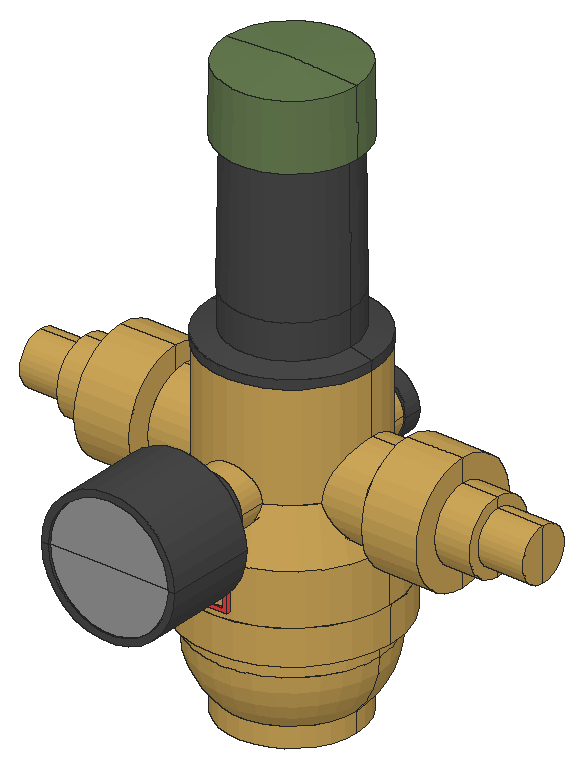
Revit family "Druckminderer mit Messingkappe 2682", category Rohrzubehör, Revit 2021
Family settings
  Bemaßung runder Anschluss = Durchmesser verwenden
  Teiletyp = Unterbricht
  OmniClass-Nummer = 23.65.55.14
  OmniClass-Titel = Valves for Liquid Services
  Arbeitsebenenbasiert = Nein
  Immer vertikal = Ja
  Beim Laden mit Abzugskörper schneiden = Nein
  Gemeinsam genutzt = Nein
Parameters (values of type "Manometer vorne")
  Werkseinstellung (sekundärseitig) = 300000.0 Pa  # constant formula
  W01 = 91.00°  # constant formula
  Vorne [instance] = yes
  Vorgabe-Ansicht = 0.000 mm
  VRL03 [instance] = size_lookup("2682_M_", "VRL3", 1.000 mm, Nennweite)  # 23.500 mm
  VRL02 [instance] = size_lookup("2682_M_", "VRL2", 1.000 mm, Nennweite)  # 16.000 mm
  VRL01 [instance] = size_lookup("2682_M_", "VRL1", 1.000 mm, Nennweite)  # 73.500 mm
  VRD02 [instance] = size_lookup("2682_M_", "VRD2", 1.000 mm, Nennweite)  # 17.000 mm
  VRD01 [instance] = size_lookup("2682_M_", "VRD1", 1.000 mm, Nennweite)  # 10.500 mm
  VRAG [instance] = Nennweite / 2  # 7.500 mm
  URL = "www.herz-armaturen.at"
  Standard = "EN 1567"  # constant formula
  SC_NennweiteBerechnet = 0
  SC_Dimension = ""
  SCTWSEQ = "AW;SBT_TYP_AW=\"111\";2"
  SCTWCODE = "04;24;02"  # constant formula
  S02 = 10.000 mm  # constant formula
  S01 [instance] = VRD02 * 2  # 34.000 mm
  R07 [instance] = R05 + 0.800 mm  # 9.300 mm
  R06 = 19.500 mm  # constant formula
  R05 [instance] = size_lookup("2682_M_", "R5", 1.000 mm, Nennweite)  # 8.500 mm
  R04 [instance] = size_lookup("2682_M_", "R4", 1.000 mm, Nennweite)  # 18.900 mm
  R03 [instance] = size_lookup("2682_M_", "R3", 1.000 mm, Nennweite)  # 19.250 mm
  R02 [instance] = size_lookup("2682_M_", "R2", 1.000 mm, Nennweite)  # 28.750 mm
  R01 [instance] = size_lookup("2682_M_", "R1", 1.000 mm, Nennweite)  # 23.250 mm
  Oberteile = "PA6.6"  # constant formula
  Nennweite [instance] = 15.000 mm
  Membrane = "EPDM"  # constant formula
  Medium = "Wasser"  # constant formula
  Max. Vordruck (primärseitig) = 1600000.0 Pa  # constant formula
  Max. Betriebstemperatur = 70 °C  # constant formula
  Maschenweite Filter = "0.3 mm"  # constant formula
  Manometerskala = "0 - 10 bar"  # constant formula
  Manometeranschluss (beidseitig) N = "1/4\" F (ISO 228-1)"
  LO01 [instance] = H02 - 2.000 mm  # 27.000 mm
  L01 [instance] = size_lookup("2682_M_", "L1", 1.000 mm, Nennweite)  # 10.600 mm
  L00 [instance] = size_lookup("2682_M_", "L", 1.000 mm, Nennweite)  # 84.000 mm
  Kappe = "Messing CW617N"  # constant formula
  Holländeranschlüsse = "Messing CW617N"  # constant formula
  Hinweis = "Gemäß Art 33 der REACH-Verordnung (EG Nr. 1907/2006) sind wir verpflichtet, darauf hinzuweisen, dass der Stoff Blei auf der SVHC-Liste geführt wird und dass alle aus Messing bestehenden Bauteile, die in unseren Erzeugnissen verarbeitet sind, mehr als 0,1 % (w/w) Blei (CAS: 7439-92-1 / EINECS: 231-100-4) enthalten.\r\nDa Blei als Legierungsbestandteil fest gebunden ist, sind keine Expositionen zu erwarten und daher sind keine zusätzlichen Angaben zur sicheren Verwendung notwendig."
  Hinten [instance] = no
  Hersteller = "HERZ Armaturen Ges.m.b.H."  # constant formula
  Handgriff = "PA 6.6, grün"  # constant formula
  H12 [instance] = size_lookup("2682_M_", "H12", 1.000 mm, Nennweite)  # 5.800 mm
  H11 [instance] = size_lookup("2682_M_", "H11", 1.000 mm, Nennweite)  # 10.000 mm
  H10 [instance] = size_lookup("2682_M_", "H10", 1.000 mm, Nennweite)  # 37.000 mm
  H09 [instance] = H01 + H04 - H05  # 84.500 mm
  H08 [instance] = size_lookup("2682_M_", "H8", 1.000 mm, Nennweite)  # 20.000 mm
  H07 [instance] = size_lookup("2682_M_", "H7", 1.000 mm, Nennweite)  # 10.000 mm
  H06 [instance] = size_lookup("2682_M_", "H6", 1.000 mm, Nennweite)  # 2.500 mm
  H05 [instance] = size_lookup("2682_M_", "H5", 1.000 mm, Nennweite)  # 4.700 mm
  H04 [instance] = size_lookup("2682_M_", "H4", 1.000 mm, Nennweite)  # 58.700 mm
  H03 [instance] = D02 + 1.000 mm  # 14.220 mm
  H02 [instance] = size_lookup("2682_M_", "H2", 1.000 mm, Nennweite)  # 29.000 mm
  H01 [instance] = size_lookup("2682_M_", "H1", 1.000 mm, Nennweite)  # 30.500 mm
  Gehäuse (DN32-DN50) = "Gussmessing (EN 1982; CC770S)"  # constant formula
  Gehäuse (DN15-DN25) = "geschmiedetes Messing (EN 12165; CW626N)"  # constant formula
  GT1 [instance] = size_lookup("2682_M_", "GT1", 1.000 mm, Nennweite)  # 12.000 mm
  GT [instance] = size_lookup("2682_M_", "GT", 1.000 mm, Nennweite)  # 13.200 mm
  Filter = "Edelstahl"  # constant formula
  Federführung = "Edelstahl"  # constant formula
  Feder = "Federstahl"  # constant formula
  Einstellbereich (sekundärseitig) = "1.5 - 6 bar"  # constant formula
  Dichtung im Druckreduziererelement = "EPDM"  # constant formula
  Dichtung der Holländeranschlüsse = "Klingersil C-4324"  # constant formula
  D09 [instance] = size_lookup("2682_M_", "D9", 1.000 mm, Nennweite)  # 19.000 mm
  D08 [instance] = size_lookup("2682_M_", "D8", 1.000 mm, Nennweite)  # 25.800 mm
  D07 [instance] = size_lookup("2682_M_", "D7", 1.000 mm, Nennweite)  # 29.000 mm
  D06 [instance] = size_lookup("2682_M_", "D6", 1.000 mm, Nennweite)  # 16.000 mm
  D05 [instance] = size_lookup("2682_M_", "D5", 1.000 mm, Nennweite)  # 16.800 mm
  D04 [instance] = size_lookup("2682_M_", "D4", 1.000 mm, Nennweite)  # 17.300 mm
  D03 [instance] = size_lookup("2682_M_", "D3", 1.000 mm, Nennweite)  # 23.500 mm
  D02 [instance] = size_lookup("2682_M_", "D2", 1.000 mm, Nennweite)  # 13.220 mm
  D01 [instance] = size_lookup("2682_M_", "D1", 1.000 mm, Nennweite)  # 9.525 mm
  Bestellnummer [instance] = size_lookup("2682_M_", "Artnr", 0, Nennweite)  # 1268221
  B03 = 5.000 mm  # constant formula
  B02 = 26.000 mm  # constant formula
  B01 [instance] = size_lookup("2682_M_", "B1", 1.000 mm, Nennweite)  # 30.000 mm
  B00 [instance] = size_lookup("2682_M_", "B", 1.000 mm, Nennweite)  # 67.000 mm
  Außengewinde = "gemäß ISO 7-1 und ISO228"  # constant formula
  Anwendung = "Typischerweise dient der Druckreduzierer dazu, Installationen beziehungsweise Anlagen vor zu hohem Druck zu schützen.\r\nWeiters können Druckreduzierer in Heizungsanlagen eingesetzt werden, um zu hohe Drücke im Boiler zu verhindern.\r\nDer Druck nach dem Druckreduzierer ist im angegebenen Bereich einstellbar und steht nicht im Zusammenhang mit dem Vordruck.\r\nUm den Druck nach dem Druckreduzierer zu steigern, muss der Handgriff im Uhrzeigersinn gedreht werden.\r\nDurch das Einstellen von Drücken, welche die vorgegebene Skala überschreiten, können Schäden am Druckreduzierer entstehen.\r\nWir empfehlen einen maximalen Hinterdruck sekundärseitig von 4 bar für Anlagen in privaten Haushalten (lange Produktlebensdauer, geringe Kosten).\r\nNach jeder Änderung des Einstellwertes muss die Ausgangsseite druckentlastet werden, zum Beispiel durch Wasserzapfen."
Types (3, lengths in mm): name | Vorne | Hinten
  (no name) | yes | no
  Manometer vorne | yes | no
  Manometer hinten | no | yes
Reference planes
  plane 1 "Mitte (Vorne/hinten)": y = 0
  plane 2: z = 0
  plane 3 "Mitte (Links/rechts)": x = 0
Forms (mm)
  Revolve 1, solid, material "Messing, weicher Gelbton, geschweißt", detail levels fine
    sketch origin (0, 0, 0) x (1, 0, 0) y (0, 0, 1)
      loop
        line (-42, 0) -> (42, 0) -> (42, 9.525) -> (31.4, 9.525) -> (31.4, 13.22) -> (-31.4, 13.22) -> (-31.4, 9.525) -> (-42, 9.525) -> (-42, 0)
      axis (-42, 0) -> (42, 0)
    angle from 0 to 360
  Revolve 2, solid, material "Messing, weicher Gelbton, geschweißt", detail levels fine
    sketch origin (0, 0, 0) x (1, 0, 0) y (0, 0, 1)
      loop
        line (0, -29) -> (28.75, -29) -> (28.75, -14.22) -> (23.25, 0) -> (23.25, 30.5) -> (0, 30.5) -> (0, -29)
      axis (0, 30.5) -> (0, -29)
    angle from 0 to 360
  Revolve 3, solid, material "Acetalharz, Schwarz", detail levels fine
    sketch origin (0, 0, 0) x (1, 0, 0) y (0, 0, 1)
      loop
        line (0, 30.5) -> (0, 89.2) -> (-16, 89.2) -> (-16, 84.5) -> (-16.8, 84.5) -> (-17.3, 44.5) -> (-17.3, 34.5) -> (-23.5, 33) -> (-23.5, 30.5) -> (0, 30.5)
      axis (0, 89.2) -> (0, 30.5)
    angle from 0 to 360
  Revolve 4, solid, material "Kunststoff GRÜN", detail levels fine
    sketch origin (0, 0, 0) x (1, 0, 0) y (0, 0, 1)
      loop
        line (0, 84.5) -> (19.25, 84.5) -> (18.9, 103.392)
        arc (18.9, 103.392) -> (9.466, 104.223) -> (0, 104.5) r 161.794
        line (0, 104.5) -> (0, 84.5)
      axis (0, 104.5) -> (0, 84.5)
    angle from 0 to 360
  Revolve 5, solid, material "Messing, weicher Gelbton, geschweißt", detail levels fine
    sketch origin (0, 0, 0) x (1, 0, 0) y (0, 0, 1)
      loop
        line (0, -29) -> (0, -66) -> (19, -66) -> (19, -60.2)
        arc (19, -60.2) -> (24.034, -52.577) -> (25.8, -43.615) r 23.626
        line (25.8, -43.615) -> (25.8, -39) -> (29, -39) -> (29, -29) -> (0, -29)
      axis (0, -29) -> (0, -66)
    angle from 0 to 360
  Revolve 6, solid, material "Messing, weicher Gelbton, geschweißt", detail levels fine
    sketch origin (0, 0, 0) x (1, 0, 0) y (0, 0, 1)
      loop
        line (34, 9.525) -> (46, 9.525) -> (46, 0) -> (73.5, 0) -> (73.5, 7.5) -> (60.3, 7.5) -> (60.3, 10.5) -> (50, 10.5) -> (50, 17) -> (34, 17) -> (34, 9.525)
      loop
        line (-34, 9.525) -> (-34, 17) -> (-50, 17) -> (-50, 10.5) -> (-60.3, 10.5) -> (-60.3, 7.5) -> (-73.5, 7.5) -> (-73.5, 0) -> (-46, 0) -> (-46, 9.525) -> (-34, 9.525)
      axis (-73.5, 0) -> (73.5, 0)
    angle from 0 to 360
  Revolve 7, solid, material "Messing, weicher Gelbton, geschweißt", detail levels fine
    sketch origin (0, 0, 0) x (1, 0, 0) y (0, 1, 0)
      loop
        line (0, 30) -> (0, -30) -> (8.5, -30) -> (8.5, 30) -> (0, 30)
      axis (0, 30) -> (0, -30)
    angle from 0 to 360
  Revolve 8, solid, material "Acetalharz, Schwarz", visible <- "Vorne", detail levels fine
    sketch origin (0, 0, 0) x (1, 0, 0) y (0, 1, 0)
      loop
        line (0, -30) -> (0, -65) -> (17.5, -65) -> (17.5, -67) -> (19.5, -67) -> (19.5, -41) -> (9.3, -41) -> (9.3, -30) -> (0, -30)
      axis (0, -30) -> (0, -67)
    angle from 0 to 360
  Revolve 9, solid, material "Acetalharz, Schwarz", visible <- "Vorne", detail levels fine
    sketch origin (0, 0, 0) x (1, 0, 0) y (0, 1, 0)
      loop
        line (0, 30) -> (9.3, 30) -> (9.3, 35) -> (0, 35) -> (0, 30)
      axis (0, 35) -> (0, 30)
    angle from 0 to 360
  Revolve 10, solid, material "Acetalharz, Schwarz", visible <- "Hinten", detail levels fine
    sketch origin (0, 0, 0) x (1, 0, 0) y (0, -1, 0)
      loop
        line (0, 30) -> (9.3, 30) -> (9.3, 35) -> (0, 35) -> (0, 30)
      axis (0, 35) -> (0, 30)
    angle from 0 to 360
  Revolve 11, solid, material "Acetalharz, Weiß", visible <- "Vorne", detail levels fine
    sketch origin (0, 0, 0) x (1, 0, 0) y (0, 1, 0)
      loop
        line (0, -65) -> (0, -66.5) -> (17.5, -66.5) -> (17.5, -65) -> (0, -65)
      axis (0, -65) -> (0, -66.5)
    angle from 0 to 360
  Revolve 12, solid, material "Acetalharz, Schwarz", visible <- "Hinten", detail levels fine
    sketch origin (0, 0, 0) x (1, 0, 0) y (0, -1, 0)
      loop
        line (0, -30) -> (0, -65) -> (17.5, -65) -> (17.5, -67) -> (19.5, -67) -> (19.5, -41) -> (9.3, -41) -> (9.3, -30) -> (0, -30)
      axis (0, -30) -> (0, -67)
    angle from 0 to 360
  Revolve 13, solid, material "Acetalharz, Weiß", visible <- "Hinten", detail levels fine
    sketch origin (0, 0, 0) x (1, 0, 0) y (0, -1, 0)
      loop
        line (0, -65) -> (0, -66.5) -> (17.5, -66.5) -> (17.5, -65) -> (0, -65)
      axis (0, -65) -> (0, -66.5)
    angle from 0 to 360
Lines and regions (mm)
  model lines, detail levels coarse+medium
    curve 1: line (-42, 0, -17) -> (-42, 0, 17)
    curve 2: line (-42, 0, 17) -> (42, 0, -34)
    curve 3: line (42, 0, -34) -> (42, 0, 34)
    curve 4: line (42, 0, 34) -> (-42, 0, -17)
    curve 5: line (-42, 0, 17) -> (-52, 0, 17)
    curve 6: line (-52, 0, 17) -> (-42, 0, 0)
    curve 7: line (-42, 0, -17) -> (-52, 0, -17)
    curve 8: line (-52, 0, -17) -> (-42, 0, 0)
    curve 9: line (-42, 0, 0) -> (-73.5, 0, 0)
    curve 10: line (42, 0, 17) -> (52, 0, 17)
    curve 11: line (52, 0, 17) -> (42, 0, 0)
    curve 12: line (42, 0, -17) -> (52, 0, -17)
    curve 13: line (52, 0, -17) -> (42, 0, 0)
    curve 14: line (42, 0, 0) -> (73.5, 0, 0)
    curve 15: line (-42, -17, 0) -> (-42, 17, 0)
    curve 16: line (-42, 17, 0) -> (42, -34, 0)
    curve 17: line (42, -34, 0) -> (42, 34, 0)
    curve 18: line (42, 34, 0) -> (-42, -17, 0)
    curve 19: line (-42, 17, 0) -> (-52, 17, 0)
    curve 20: line (-52, 17, 0) -> (-42, 0, 0)
    curve 21: line (-42, -17, 0) -> (-52, -17, 0)
    curve 22: line (-52, -17, 0) -> (-42, 0, 0)
    curve 23: line (42, 0, -17) -> (42, 0, 17)
    curve 24: line (42, 0, 17) -> (52, 0, 17)
    curve 25: line (52, 0, 17) -> (42, 0, 0)
    curve 26: line (42, 17, 0) -> (52, 17, 0)
    curve 27: line (52, 17, 0) -> (42, 0, 0)
    curve 28: line (42, -17, 0) -> (52, -17, 0)
    curve 29: line (52, -17, 0) -> (42, 0, 0)
Dimensions and locks
  equal spacing: Revolve 1 sketch curve, plane 3 "Mitte (Links/rechts)", Revolve 1 sketch curve
  "L00": Revolve 1 sketch curve to Revolve 1 sketch curve
  "L01": Revolve 1 sketch curve to Revolve 1 sketch curve  (x2)
  "D01": Revolve 1 sketch curve to Revolve 1 sketch curve  (x2)
  "D02": Revolve 1 sketch curve to plane 2
  "R01": Revolve 2 sketch curve to Revolve 2 sketch curve
  "R02": Revolve 2 sketch curve to Revolve 2 sketch curve
  "H01": Revolve 2 sketch curve to plane 2
  "H02": plane 2 to Revolve 2 sketch curve
  "H03": plane 2 to Revolve 2 sketch curve
  "H01": Revolve 3 sketch curve to plane 2
  "H04": Revolve 3 sketch curve to Revolve 3 sketch curve
  "H05": Revolve 3 sketch curve to Revolve 3 sketch curve
  "H06": Revolve 3 sketch curve to Revolve 3 sketch curve
  "H07": Revolve 3 sketch curve to Revolve 3 sketch curve
  "D03": Revolve 3 sketch curve to Revolve 3 sketch curve
  "D04": Revolve 3 sketch curve to Revolve 3 sketch curve
  "D05": Revolve 3 sketch curve to Revolve 3 sketch curve
  "D06": Revolve 3 sketch curve to Revolve 3 sketch curve
  "R03": Revolve 4 sketch curve to Revolve 4 sketch curve
  "H08": Revolve 4 sketch curve to Revolve 4 sketch curve
  "R04": Revolve 4 sketch curve to plane 3 "Mitte (Links/rechts)"
  "H09": Revolve 4 sketch curve to plane 2
  "H10": Revolve 5 sketch curve to Revolve 5 sketch curve
  "H02": plane 2 to Revolve 5 sketch curve
  "D07": Revolve 5 sketch curve to Revolve 5 sketch curve
  "H11": Revolve 5 sketch curve to Revolve 5 sketch curve
  "D08": Revolve 5 sketch curve to Revolve 5 sketch curve
  "H12": Revolve 5 sketch curve to Revolve 5 sketch curve
  "D09": Revolve 5 sketch curve to Revolve 5 sketch curve
  "VRL02": Revolve 6 sketch curve to Revolve 6 sketch curve  (x2)
  "VRL01": Revolve 6 sketch curve to plane 3 "Mitte (Links/rechts)"
  "GT": Revolve 6 sketch curve to Revolve 6 sketch curve  (x2)
  "VRL03": Revolve 6 sketch curve to Revolve 6 sketch curve  (x2)
  "D01": Revolve 6 sketch curve to plane 2  (x2)
  "GT1": Revolve 6 sketch curve to Revolve 6 sketch curve  (x2)
  "VRAG": Revolve 6 sketch curve to plane 2  (x2)
  "VRD01": Revolve 6 sketch curve to plane 2  (x2)
  "VRD02": Revolve 6 sketch curve to Revolve 6 sketch curve  (x2)
  "VRL01": plane 3 "Mitte (Links/rechts)" to Revolve 6 sketch curve
  "B01": Revolve 7 sketch curve to plane 1 "Mitte (Vorne/hinten)" to Revolve 7 sketch curve
  "R05": Revolve 7 sketch curve to Revolve 7 sketch curve
  "B00": Revolve 8 sketch curve to plane 1 "Mitte (Vorne/hinten)"
  "B01": plane 1 "Mitte (Vorne/hinten)" to Revolve 8 sketch curve
  "B02": Revolve 8 sketch curve to Revolve 8 sketch curve
  "R06": Revolve 8 sketch curve to Revolve 8 sketch curve
  "R07": Revolve 8 sketch curve to Revolve 8 sketch curve
  "R02": nested 1 to plane 1 "Mitte (Vorne/hinten)"
  "LO01": plane 2 to nested 1
  "VRD02": curve 2 to plane 2 to curve 4
  "S01": curve 4 to plane 2 to curve 3
  equal spacing: curve 3, plane 3 "Mitte (Links/rechts)", curve 1
  "L00": curve 3 to curve 1
  "S02": curve 1 to curve 6
  "S02": curve 1 to curve 8
  "VRL01": plane 3 "Mitte (Links/rechts)" to curve 9
  "S02": curve 11 to curve 3
  "S02": curve 13 to curve 3
  "VRL01": curve 14 to plane 3 "Mitte (Links/rechts)"
  "VRD02": curve 10 to plane 2 to curve 12
  equal spacing: curve 15, plane 3 "Mitte (Links/rechts)", curve 17
  "L00": curve 15 to curve 17
  "VRD02": curve 18 to plane 1 "Mitte (Vorne/hinten)" to curve 16
  "S01": curve 17 to plane 1 "Mitte (Vorne/hinten)" to curve 18
  "S02": curve 20 to curve 15
  "S02": curve 22 to curve 15
  "S02": curve 17 to curve 27
  "S02": curve 17 to curve 29
  "VRD02": curve 28 to plane 1 "Mitte (Vorne/hinten)" to curve 26
  "R07": Revolve 9 sketch curve to Revolve 9 sketch curve
  "B03": Revolve 9 sketch curve to Revolve 9 sketch curve
  "B01": plane 1 "Mitte (Vorne/hinten)" to Revolve 9 sketch curve
  "R07": Revolve 10 sketch curve to Revolve 10 sketch curve
  "B03": Revolve 10 sketch curve to Revolve 10 sketch curve
  "B01": Revolve 10 sketch curve to plane 1 "Mitte (Vorne/hinten)"
  "B02": Revolve 12 sketch curve to Revolve 12 sketch curve
  "R06": Revolve 12 sketch curve to Revolve 12 sketch curve
  "R07": Revolve 12 sketch curve to Revolve 12 sketch curve
  aligned and locked: level to plane 2
Automatic sketch dimensions
  Revolve 11 sketch curve to plane 3 "Mitte (Links/rechts)" = 0.000 mm  (x2)
  plane 3 "Mitte (Links/rechts)" to Revolve 11 sketch curve = 17.500 mm
  plane 1 "Mitte (Vorne/hinten)" to Revolve 11 sketch curve = 66.500 mm
  Revolve 11 sketch curve to Revolve 11 sketch curve = 1.500 mm
  Revolve 11 sketch curve to Revolve 11 sketch curve = 1933.500 mm
  Revolve 11 sketch curve to plane 1 "Mitte (Vorne/hinten)" = 2000.000 mm
  Revolve 13 sketch curve to plane 3 "Mitte (Links/rechts)" = 0.000 mm  (x2)
  Revolve 13 sketch curve to plane 3 "Mitte (Links/rechts)" = 17.500 mm
  plane 1 "Mitte (Vorne/hinten)" to Revolve 13 sketch curve = 66.500 mm
  Revolve 13 sketch curve to Revolve 13 sketch curve = 1.500 mm
  Revolve 13 sketch curve to Revolve 13 sketch curve = 1933.500 mm
  Revolve 13 sketch curve to plane 1 "Mitte (Vorne/hinten)" = 2000.000 mm
  curve 25 to level = 0.000 mm
  curve 14 to level = 0.000 mm
  curve 6 to level = 0.000 mm
  curve 8 to level = 0.000 mm
  curve 24 to curve 10 = 0.000 mm
  plane 1 "Mitte (Vorne/hinten)" to curve 29 = 0.000 mm
  plane 1 "Mitte (Vorne/hinten)" to curve 20 = 0.000 mm
  Revolve 1 sketch curve to level = 0.000 mm  (x2)
  Revolve 1 sketch curve to Revolve 1 sketch curve = 1464.530 mm
  Revolve 1 sketch curve to Revolve 1 sketch curve = 1797.148 mm
  Revolve 2 sketch curve to plane 3 "Mitte (Links/rechts)" = 0.000 mm  (x2)
  Revolve 2 sketch curve to level = 0.000 mm
  Revolve 2 sketch curve to Revolve 2 sketch curve = 337.045 mm
  Revolve 2 sketch curve to Revolve 2 sketch curve = 2183.815 mm
  Revolve 3 sketch curve to plane 3 "Mitte (Links/rechts)" = 0.000 mm  (x2)
  Revolve 3 sketch curve to Revolve 3 sketch curve = 1.500 mm
  Revolve 3 sketch curve to level = 366.045 mm
  Revolve 3 sketch curve to Revolve 3 sketch curve = 2125.115 mm
  Revolve 4 sketch curve to plane 3 "Mitte (Links/rechts)" = 0.000 mm  (x2)
  Revolve 4 sketch curve to level = 57.294 mm
  Revolve 4 sketch curve to Revolve 4 sketch curve = 308.751 mm
  Revolve 4 sketch curve to Revolve 4 sketch curve = 2109.815 mm
  Revolve 5 sketch curve to plane 3 "Mitte (Links/rechts)" = 0.000 mm  (x2)
  plane 3 "Mitte (Links/rechts)" to Revolve 5 sketch curve = 2.174 mm
  Revolve 5 sketch curve to Revolve 5 sketch curve = 300.045 mm
  level to Revolve 5 sketch curve = 2214.315 mm
  Revolve 6 sketch curve to level = 0.000 mm  (x3)
  Revolve 6 sketch curve to Revolve 6 sketch curve = 1433.030 mm
  Revolve 6 sketch curve to Revolve 6 sketch curve = 1765.648 mm
  Revolve 7 sketch curve to plane 3 "Mitte (Links/rechts)" = 0.000 mm  (x2)
  Revolve 7 sketch curve to Revolve 7 sketch curve = 1950.000 mm  (x2)
  Revolve 8 sketch curve to plane 3 "Mitte (Links/rechts)" = 0.000 mm  (x2)
  Revolve 8 sketch curve to Revolve 8 sketch curve = 2.000 mm  (x2)
  Revolve 8 sketch curve to Revolve 8 sketch curve = 1936.000 mm
  Revolve 8 sketch curve to plane 1 "Mitte (Vorne/hinten)" = 2000.000 mm
  Revolve 9 sketch curve to plane 3 "Mitte (Links/rechts)" = 0.000 mm  (x2)
  plane 1 "Mitte (Vorne/hinten)" to Revolve 9 sketch curve = 2000.000 mm
  Revolve 9 sketch curve to Revolve 9 sketch curve = 1963.669 mm
  Revolve 10 sketch curve to plane 3 "Mitte (Links/rechts)" = 0.000 mm  (x2)
  plane 1 "Mitte (Vorne/hinten)" to Revolve 10 sketch curve = 2000.000 mm
  Revolve 10 sketch curve to Revolve 10 sketch curve = 1963.669 mm
  Revolve 12 sketch curve to plane 3 "Mitte (Links/rechts)" = 0.000 mm  (x2)
  Revolve 12 sketch curve to Revolve 12 sketch curve = 2.000 mm  (x2)
  plane 1 "Mitte (Vorne/hinten)" to Revolve 12 sketch curve = 67.000 mm
  Revolve 12 sketch curve to Revolve 12 sketch curve = 11.000 mm
  Revolve 12 sketch curve to Revolve 12 sketch curve = 1936.000 mm
  Revolve 12 sketch curve to plane 1 "Mitte (Vorne/hinten)" = 2000.000 mm
Nested families
  nested 1: "Herz-Logo-vorne" at (0, -28.75, -22.5) x (0, 1, 0) z (0, 0, 1), type "Herz-Logo-vorne", detail levels fine
Connectors
  piping at (73.5, 0, 0), diameter 15, driven by "Nennweite"
    settings: on Revolve 6, index 1, connector inside diameter 609.6 mm, connector length 0.000 mm, flow factor 0, pipe flow 0.0 L/s, pressure drop 0.0 Pa, fitting loss kfactor 0, connector angle 0.00°, fixture units 0, engagement length 0.000 mm, angle of deflection 0.00°, flow configuration 0, flow direction 2, fitting loss method 0, system type 29, joint type 0, gender type 0, connector reference index -1, connector utility 0, adjustable connector no, is connector primary yes, connector description ""
  piping at (-73.5, 0, 0), diameter 15, driven by "Nennweite"
    settings: on Revolve 6, index 2, connector inside diameter 609.6 mm, connector length 0.000 mm, flow factor 0, pipe flow 0.0 L/s, pressure drop 0.0 Pa, fitting loss kfactor 0, connector angle 0.00°, fixture units 0, engagement length 0.000 mm, angle of deflection 0.00°, flow configuration 0, flow direction 1, fitting loss method 0, system type 29, joint type 0, gender type 0, connector reference index -1, connector utility 0, adjustable connector no, is connector primary no, connector description ""
Definition of nested family "Herz-Logo-vorne"
  Parameters (values of type "Herz-Logo-vorne")
    Default Elevation = 0.000 mm
  Reference planes
    plane 1 "Mitte (Vorne/hinten)": y = 0
    plane 2: z = 0
    plane 3 "Mitte (Links/rechts)": x = 0
  Forms (mm)
    Extrusion 1, solid
      sketch origin (0.732, -0.018, 0.017) x (0, -1, 0) y (0, 0, 1)
        loop
          line (-0.018, -4.517) -> (4.482, -4.517) -> (4.482, 4.483) -> (-4.518, 4.483) -> (-4.518, -4.517) -> (-0.018, -4.517)
        loop
          line (-0.05, -3.48) -> (3.482, -3.48) -> (3.482, 3.483) -> (-3.518, 3.483) -> (-3.518, -3.48) -> (-0.05, -3.48)
        loop
          arc (-0.018, 2.383) -> (-1.543, 3.287) -> (-3.067, 2.383) r 1.738
          arc (-3.067, 2.383) -> (-3.191, 1.899) -> (-3.067, 1.415) r 1.009
          line (-3.067, 1.415) -> (-0.018, -3.281) -> (3.032, 1.415)
          arc (3.032, 1.415) -> (3.156, 1.899) -> (3.032, 2.383) r 1.009
          arc (3.032, 2.383) -> (1.507, 3.287) -> (-0.018, 2.383) r 1.738
        loop
          arc (1.885, 1.272) -> (2.005, 1.675) -> (1.885, 2.079) r 0.74
          arc (1.885, 2.079) -> (1.265, 2.416) -> (0.644, 2.079) r 0.74
          line (0.644, 2.079) -> (-0.018, 0.97) -> (-0.679, 2.079)
          arc (-0.679, 2.079) -> (-1.3, 2.416) -> (-1.921, 2.079) r 0.74
          arc (-1.921, 2.079) -> (-2.04, 1.675) -> (-1.921, 1.272) r 0.74
          line (-1.921, 1.272) -> (-0.018, -1.658) -> (1.885, 1.272)
      from 0 to 1.5
  Dimensions and locks
    aligned and locked: level to plane 2
